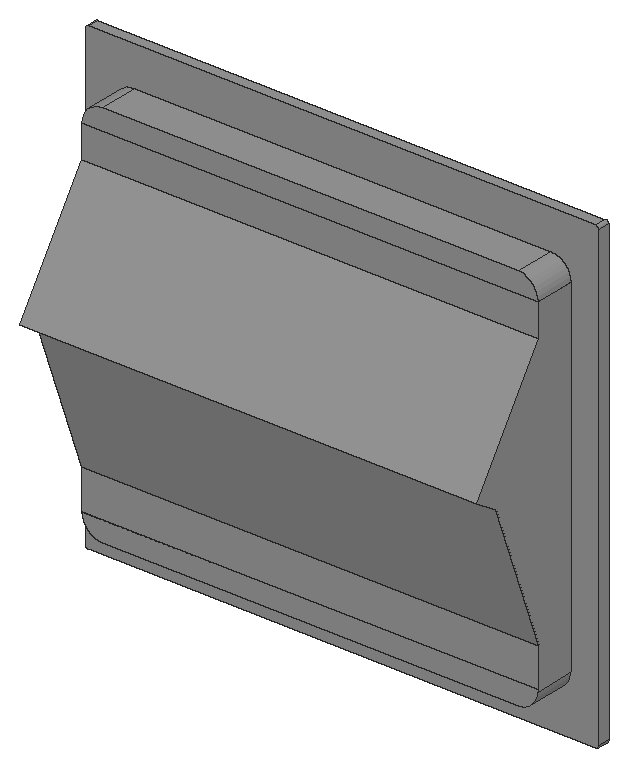
Revit family "L&L_LUCE&LIGHT_PASITO_1.1", category Lighting Fixtures, host Wall, Revit 2018 (continued)
Parameters (values of type "PASITO_1.1 – 60°")
    .90 9.64 9.39 9.12 \r\n8.84 8.63 8.36 8.10 7.84 7.61 7.36 7.09 6.87 6.63 6.40 \r\n6.17 5.94 5.69 5.46 5.24 5.00 4.79 4.58 4.37 4.17 3.96 \r\n3.75 3.56 3.38 3.19 3.01 2.83 2.65 2.46 2.27 2.11 1.95 \r\n1.80 1.64 1.50 1.34 1.19 1.06 0.92 0.77 0.64 0.52 0.39 \r\n0.27 0.16 0.07 0.02 \r\n0.07 0.10 0.45 1.13 1.65 2.11 3.16 4.92 7.07 9.75 12.92 \r\n16.95 21.72 27.49 34.75 42.94 52.75 63.21 72.53 79.69 \r\n84.99 88.79 92.43 96.40 100.11 103.94 107.86 111.52 \r\n115.13 118.94 122.31 125.80 129.37 132.67 136.04 138.91 \r\n141.84 144.85 147.40 149.56 151.93 154.03 155.70 157.36 \r\n159.01 160.37 161.51 162.53 163.43 164.07 164.51 164.72 \r\n164.72 164.50 164.14 163.61 162.85 161.86 160.70 159.24 \r\n157.54 155.69 153.57 151.11 148.33 145.25 141.83 138.09 \r\n133.92 129.34 124.34 118.89 113.02 106.85 100.40 93.81 \r\n87.25 80.83 74.67 68.94 63.70 58.94 54.67 50.85 47.48 \r\n44.48 41.80 39.41 37.28 35.37 33.65 32.09 30.67 29.35 \r\n28.11 26.95 25.85 24.82 23.87 23.00 22.19 21.45 20.75 \r\n20.10 19.51 18.96 18.46 17.99 17.53 17.11 16.74 16.39 \r\n16.04 15.72 15.42 15.13 14.84 14.50 14.07 13.61 13.20 \r\n12.81 12.45 12.13 11.85 11.62 11.36 11.07 10.80 10.53 \r\n10.29 10.06 9.74 9.47 9.21 8.94 8.70 8.37 8.14 7.89 7.61 \r\n7.36 7.10 6.85 6.62 6.37 6.10 5.89 5.64 5.37 5.12 4.92 \r\n4.69 4.44 4.23 4.04 3.82 3.61 3.42 3.20 3.01 2.84 2.65 \r\n2.45 2.26 2.09 1.92 1.76 1.60 1.43 1.27 1.12 0.97 0.81 \r\n0.67 0.54 0.41 0.28 0.17 0.07 0.02 \r\n0.07 0.09 0.49 1.20 1.71 2.23 3.52 5.47 7.86 10.85 14.51 \r\n19.18 24.53 31.53 39.85 49.51 60.50 70.82 79.24 85.44 \r\n89.67 93.63 98.09 102.13 106.25 110.65 114.89 119.13 \r\n123.32 127.19 131.37 135.46 139.35 143.07 146.76 150.42 \r\n153.78 156.92 159.97 162.82 165.33 167.68 169.83 171.66 \r\n173.50 175.10 176.25 177.24 178.20 178.88 179.15 179.37 \r\n179.41 179.18 178.72 178.09 177.25 176.13 174.78 173.24 \r\n171.49 169.51 167.21 164.59 161.64 158.25 154.45 150.17 \r\n145.40 140.17 134.40 128.12 121.44 114.49 107.19 99.72 \r\n92.42 85.41 78.75 72.63 67.01 61.87 57.29 53.25 49.65 \r\n46.46 43.61 41.07 38.81 36.79 34.97 33.32 31.82 30.45 \r\n29.18 27.95 26.77 25.69 24.73 23.84 22.99 22.22 21.52 \r\n20.86 20.26 19.70 19.16 18.67 18.23 17.82 17.42 17.05 \r\n16.72 16.39 16.07 15.76 15.48 15.20 14.85 14.40 13.95 \r\n13.55 13.16 12.79 12.48 12.16 11.90 11.66 11.35 11.08 \r\n10.82 10.53 10.28 9.99 9.70 9.46 9.14 8.91 8.59 8.31 8.06 \r\n7.76 7.55 7.20 6.99 6.72 6.46 6.22 5.95 5.69 5.48 5.16 \r\n4.95 4.73 4.47 4.23 4.03 3.83 3.62 3.41 3.18 2.99 2.81 \r\n2.60 2.40 2.21 2.03 1.86 1.68 1.51 1.34 1.17 1.01 0.85 \r\n0.69 0.56 0.43 0.30 0.18 0.07 0.02 \r\n0.07 0.09 0.52 1.26 1.75 2.38 3.84 5.89 8.49 11.78 15.95 \r\n20.95 27.10 35.03 44.40 55.27 66.44 76.63 84.20 89.18 \r\n93.56 98.21 102.79 107.16 111.90 116.63 121.20 125.81 \r\n130.32 134.94 139.63 143.63 148.04 152.43 156.30 160.27 \r\n164.14 167.45 170.66 173.81 176.58 179.22 181.47 183.52 \r\n185.11 186.44 187.60 188.47 189.03 189.37 189.45 189.30 \r\n188.97 188.42 187.69 186.73 185.58 184.24 182.70 181.03 \r\n179.06 176.77 174.31 171.58 168.42 164.79 160.76 156.26 \r\n151.20 145.63 139.49 132.73 125.71 118.27 110.58 102.93 \r\n95.41 88.09 81.24 74.92 69.06 63.82 59.15 54.97 51.26 \r\n47.94 44.98 42.34 39.98 37.87 35.99 34.29 32.74 31.32 \r\n29.98 28.71 27.51 26.42 25.42 24.50 23.64 22.87 22.14 \r\n21.46 20.85 20.29 19.74 19.24 18.78 18.35 17.96 17.59 \r\n17.25 16.92 16.60 16.29 15.98 15.70 15.42 15.06 14.58 \r\n14.12 13.74 13.33 12.96 12.69 12.38 12.09 11.84 11.51 \r\n11.25 10.98 10.67 10.45 10.12 9.82 9.59 9.24 9.00 8.69 \r\n8.40 8.12 7.84 7.59 7.27 7.02 6.76 6.49 6.21 5.99 5.67 \r\n5.45 5.17 4.92 4.70 4.46 4.19 3.99 3.79 3.57 3.35 3.13 \r\n2.92 2.72 2.51 2.31 2.11 1.93 1.74 1.56 1.38 1.21 1.05 \r\n0.88 0.71 0.58 0.45 0.31 0.18 0.07 0.02 \r\n0.07 0.09 0.54 1.31 1.78 2.47 4.08 6.20 9.01 12.53 17.01 \r\n22.28 29.15 37.60 47.81 59.24 70.75 80.65 87.23 92.07 \r\n96.90 101.80 106.68 111.50 116.61 121.39 126.22 131.30 \r\n136.30 141.12 145.66 150.54 155.28 159.62 164.07 168.18 \r\n172.12 175.94 179.40 182.51 185.31 187.80 189.94 191.72 \r\n193.17 194.10 194.86 195.25 195.31 195.13 194.71 194.03 \r\n193.19 192.18 190.91 189.47 187.90 186.16 184.21 182.09 \r\n179.69 177.29 174.56 171.47 168.20 164.60 160.48 155.75 \r\n150.75 145.34 139.05 132.55 125.52 118.12 110.90 103.39 \r\n95.85 88.72 81.88 75.73 69.95 64.82 60.13 55.85 52.17 \r\n48.86 45.82 43.16 40.76 38.61 36.71 34.96 33.38 31.93 \r\n30.57 29.27 28.04 26.93 25.93 24.99 24.11 23.32 22.59 \r\n21.92 21.27 20.69 20.17 19.68 19.21 18.77 18.35 17.99 \r\n17.65 17.32 16.99 16.68 16.37 16.08 15.83 15.53 15.08 \r\n14.60 14.18 13.80 13.36 13.03 12.78 12.43 12.18 11.91 \r\n11.54 11.32 11.02 10.70 10.49 10.09 9.85 9.58 9.24 9.00 \r\n8.66 8.39 8.10 7.83 7.54 7.23 7.01 6.70 6.47 6.15 5.94 \r\n5.63 5.37 5.12 4.84 4.64 4.37 4.11 3.91 3.70 3.47 3.25 \r\n3.02 2.81 2.59 2.38 2.17 1.97 1.78 1.60 1.41 1.23 1.07 \r\n0.90 0.73 0.59 0.46 0.32 0.19 0.08 0.02 \r\n0.07 0.09 0.55 1.34 1.79 2.52 4.22 6.36 9.32 12.98 17.65 \r\n23.19 30.53 39.18 49.97 61.63 73.48 82.97 89.17 94.25 \r\n99.14 104.33 109.56 114.64 119.81 124.81 129.99 135.47 \r\n140.39 145.36 150.58 155.44 160.32 165.14 169.71 173.91 \r\n177.93 181.72 185.11 188.18 190.91 193.22 195.02 196.56 \r\n197.70 198.31 198.54 198.48 198.07 197.27 196.35 195.11 \r\n193.69 191.92 190.19 188.23 186.20 184.08 181.78 179.33 \r\n176.61 173.84 170.96 167.71 164.15 160.26 156.29 151.74 \r\n146.71 141.49 135.70 129.47 123.01 116.06 108.95 101.82 \r\n94.82 88.13 81.62 75.69 69.96 65.01 60.45 56.19 52.53 \r\n49.12 46.20 43.56 41.19 39.01 37.11 35.35 33.79 32.33 \r\n30.97 29.66 28.45 27.30 26.25 25.31 24.44 23.65 22.92 \r\n22.25 21.59 21.01 20.49 19.97 19.50 19.05 18.65 18.28 \r\n17.92 17.58 17.27 16.94 16.64 16.35 16.06 15.81 15.45 \r\n14.94 14.47 14.11 13.71 13.27 13.03 12.73 12.40 12.18 \r\n11.82 11.52 11.31 10.93 10.68 10.38 10.04 9.82 9.45 9.19 \r\n8.89 8.57 8.32 8.00 7.76 7.42 7.16 6.89 6.62 6.35 6.06 \r\n5.81 5.50 5.23 4.97 4.72 4.49 4.22 3.98 3.77 3.53 3.31 \r\n3.08 2.85 2.63 2.41 2.20 2.00 1.81 1.62 1.43 1.25 1.08 \r\n0.92 0.74 0.59 0.47 0.32 0.19 0.08 0.02 \r\n0.07 0.08 0.55 1.35 1.79 2.52 4.26 6.38 9.44 13.12 17.85 \r\n23.53 31.06 39.56 50.70 62.55 74.80 84.13 90.39 95.54 \r\n100.50 105.92 111.32 116.35 121.73 127.08 132.30 137.89 \r\n142.95 148.48 153.61 158.64 163.87 168.69 173.48 177.62 \r\n181.67 185.32 188.86 191.67 194.12 196.29 197.79 198.93 \r\n199.61 199.89 199.74 199.18 198.34 197.14 195.65 194.19 \r\n192.41 190.38 188.10 185.72 183.44 180.95 178.38 175.71 \r\n172.79 169.88 166.73 163.49 159.92 155.97 151.80 147.40 \r\n142.68 137.54 132.32 126.25 120.18 113.79 107.01 100.22 \r\n93.71 87.43 81.20 75.18 69.78 65.06 60.52 56.53 52.83 \r\n49.43 46.53 43.87 41.40 39.24 37.31 35.58 33.99 32.56 \r\n31.21 29.89 28.69 27.58 26.56 25.61 24.72 23.92 23.13 \r\n22.48 21.82 21.22 20.69 20.18 19.68 19.26 18.86 18.47 \r\n18.13 17.78 17.47 17.16 16.84 16.52 16.24 16.00 15.67 \r\n15.20 14.73 14.32 13.94 13.49 13.17 12.92 12.55 12.32 \r\n12.04 11.65 11.43 11.12 10.80 10.56 10.21 9.94 9.64 9.30 \r\n9.05 8.69 8.45 8.12 7.84 7.53 7.24 6.97 6.69 6.42 6.14 \r\n5.85 5.60 5.26 5.04 4.76 4.50 4.28 4.03 3.78 3.55 3.33 \r\n3.10 2.88 2.65 2.43 2.22 2.01 1.81 1.64 1.44 1.26 1.09 \r\n0.93 0.75 0.60 0.47 0.32 0.20 0.08 0.02 \r\n0.07 0.08 0.54 1.35 1.78 2.49 4.21 6.27 9.35 12.98 17.63 \r\n23.32 30.79 38.89 50.10 62.01 74.64 84.25 90.90 96.06 \r\n101.06 106.56 112.06 116.92 122.56 128.22 133.14 138.82 \r\n144.51 150.21 155.11 160.68 165.72 170.60 175.53 180.20 \r\n184.04 188.06 191.61 194.41 197.16 199.42 200.99 202.21 \r\n202.92 203.18 203.02 202.43 201.49 200.17 198.57 196.82 \r\n194.78 192.80 190.39 187.95 185.52 182.83 180.20 177.14 \r\n174.49 171.28 167.83 164.44 160.93 157.07 152.86 149.03 \r\n144.33 139.35 134.63 128.85 122.62 116.14 110.25 103.43 \r\n96.64 90.88 84.55 78.53 73.20 67.91 63.38 59.33 55.59 \r\n52.05 48.83 46.30 43.66 41.41 37.31 36.14 34.65 33.14 \r\n31.69 30.29 29.10 27.96 26.87 25.86 25.05 24.19 23.41 \r\n22.70 21.99 21.41 20.91 20.34 19.87 19.42 19.04 18.62 \r\n18.27 17.93 17.63 17.30 16.97 16.70 16.40 16.13 15.82 \r\n15.28 14.81 14.41 14.05 13.58 13.29 13.04 12.65 12.43 \r\n12.06 11.76 11.56 11.15 10.89 10.65 10.23 10.02 9.68 9.35 \r\n9.10 8.71 8.50 8.12 7.90 7.49 7.29 6.96 6.72 6.41 6.18 \r\n5.84 5.62 5.26 5.05 4.78 4.49 4.29 4.05 3.78 3.55 3.33 \r\n3.10 2.88 2.65 2.43 2.22 2.01 1.81 1.64 1.44 1.26 1.10 \r\n0.93 0.75 0.60 0.47 0.33 0.20 0.08 0.02 \r\n0.07 0.08 0.55 1.35 1.79 2.52 4.26 6.38 9.44 13.12 17.85 \r\n23.53 31.06 39.56 50.70 62.55 74.80 84.13 90.39 95.54 \r\n100.50 105.92 111.32 116.35 121.73 127.08 132.30 137.89 \r\n142.95 148.48 153.61 158.64 163.87 168.69 173.48 177.62 \r\n181.67 185.32 188.86 191.67 194.12 196.29 197.79 198.93 \r\n199.61 199.89 199.74 199.18 198.34 197.14 195.65 194.19 \r\n192.41 190.38 188.10 185.72 183.44 180.95 178.38 175.71 \r\n172.79 169.88 166.73 163.49 159.92 155.97 151.80 147.40 \r\n142.68 137.54 132.32 126.25 120.18 113.79 107.01 100.22 \r\n93.71 87.43 81.20 75.18 69.78 65.06 60.52 56.53 52.83 \r\n49.43 46.53 43.87 41.40 39.24 37.31 35.58 33.99 32.56 \r\n31.21 29.89 28.69 27.58 26.56 25.61 24.72 23.92 23.13 \r\n22.48 21.82 21.22 20.69 20.18 19.68 19.26 18.86 18.47 \r\n18.13 17.78 17.47 17.16 16.84 16.52 16.24 16.00 15.67 \r\n15.20 14.73 14.32 13.94 13.49 13.17 12.92 12.55 12.32 \r\n12.04 11.65 11.43 11.12 10.80 10.56 10.21 9.94 9.64 9.30 \r\n9.05 8.69 8.45 8.12 7.84 7.53 7.24 6.97 6.69 6.42 6.14 \r\n5.85 5.60 5.26 5.04 4.76 4.50 4.28 4.03 3.78 3.55 3.33 \r\n3.10 2.88 2.65 2.43 2.22 2.01 1.81 1.64 1.44 1.26 1.09 \r\n0.93 0.75 0.60 0.47 0.32 0.20 0.08 0.02 \r\n0.07 0.09 0.55 1.34 1.79 2.52 4.22 6.36 9.32 12.98 17.65 \r\n23.19 30.53 39.18 49.97 61.63 73.48 82.97 89.17 94.25 \r\n99.14 104.33 109.56 114.64 119.81 124.81 129.99 135.47 \r\n140.39 145.36 150.58 155.44 160.32 165.14 169.71 173.91 \r\n177.93 181.72 185.11 188.18 190.91 193.22 195.02 196.56 \r\n197.70 198.31 198.54 198.48 198.07 197.27 196.35 195.11 \r\n193.69 191.92 190.19 188.23 186.20 184.08 181.78 179.33 \r\n176.61 173.84 170.96 167.71 164.15 160.26 156.29 151.74 \r\n146.71 141.49 135.70 129.47 123.01 116.06 108.95 101.82 \r\n94.82 88.13 81.62 75.69 69.96 65.01 60.45 56.19 52.53 \r\n49.12 46.20 43.56 41.19 39.01 37.11 35.35 33.79 32.33 \r\n30.97 29.66 28.45 27.30 26.25 25.31 24.44 23.65 22.92 \r\n22.25 21.59 21.01 20.49 19.97 19.50 19.05 18.65 18.28 \r\n17.92 17.58 17.27 16.94 16.64 16.35 16.06 15.81 15.45 \r\n14.94 14.47 14.11 13.71 13.27 13.03 12.73 12.40 12.18 \r\n11.82 11.52 11.31 10.93 10.68 10.38 10.04 9.82 9.45 9.19 \r\n8.89 8.57 8.32 8.00 7.76 7.42 7.16 6.89 6.62 6.35 6.06 \r\n5.81 5.50 5.23 4.97 4.72 4.49 4.22 3.98 3.77 3.53 3.31 \r\n3.08 2.85 2.63 2.41 2.20 2.00 1.81 1.62 1.43 1.25 1.08 \r\n0.92 0.74 0.59 0.47 0.32 0.19 0.08 0.02 \r\n0.07 0.09 0.54 1.31 1.78 2.47 4.08 6.20 9.01 12.53 17.01 \r\n22.28 29.15 37.60 47.81 59.24 70.75 80.65 87.23 92.07 \r\n96.90 101.80 106.68 111.50 116.61 121.39 126.22 131.30 \r\n136.30 141.12 145.66 150.54 155.28 159.62 164.07 168.18 \r\n172.12 175.94 179.40 182.51 185.31 187.80 189.94 191.72 \r\n193.17 194.10 194.86 195.25 195.31 195.13 194.71 194.03 \r\n193.19 192.18 190.91 189.47 187.90 186.16 184.21 182.09 \r\n179.69 177.29 174.56 171.47 168.20 164.60 160.48 155.75 \r\n150.75 145.34 139.05 132.55 125.52 118.12 110.90 103.39 \r\n95.85 88.72 81.88 75.73 69.95 64.82 60.13 55.85 52.17 \r\n48.86 45.82 43.16 40.76 38.61 36.71 34.96 33.38 31.93 \r\n30.57 29.27 28.04 26.93 25.93 24.99 24.11 23.32 22.59 \r\n21.92 21.27 20.69 20.17 19.68 19.21 18.77 18.35 17.99 \r\n17.65 17.32 16.99 16.68 16.37 16.08 15.83 15.53 15.08 \r\n14.60 14.18 13.80 13.36 13.03 12.78 12.43 12.18 11.91 \r\n11.54 11.32 11.02 10.70 10.49 10.09 9.85 9.58 9.24 9.00 \r\n8.66 8.39 8.10 7.83 7.54 7.23 7.01 6.70 6.47 6.15 5.94 \r\n5.63 5.37 5.12 4.84 4.64 4.37 4.11 3.91 3.70 3.47 3.25 \r\n3.02 2.81 2.59 2.38 2.17 1.97 1.78 1.60 1.41 1.23 1.07 \r\n0.90 0.73 0.59 0.46 0.32 0.19 0.08 0.02 \r\n0.07 0.09 0.52 1.26 1.75 2.38 3.84 5.89 8.49 11.78 15.95 \r\n20.95 27.10 35.03 44.40 55.27 66.44 76.63 84.20 89.18 \r\n93.56 98.21 102.79 107.16 111.90 116.63 121.20 125.81 \r\n130.32 134.94 139.63 143.63 148.04 152.43 156.30 160.27 \r\n164.14 167.45 170.66 173.81 176.58 179.22 181.47 183.52 \r\n185.11 186.44 187.60 188.47 189.03 189.37 189.45 189.30 \r\n188.97 188.42 187.69 186.73 185.58 184.24 182.70 181.03 \r\n179.06 176.77 174.31 171.58 168.42 164.79 160.76 156.26 \r\n151.20 145.63 139.49 132.73 125.71 118.27 110.58 102.93 \r\n95.41 88.09 81.24 74.92 69.06 63.82 59.15 54.97 51.26 \r\n47.94 44.98 42.34 39.98 37.87 35.99 34.29 32.74 31.32 \r\n29.98 28.71 27.51 26.42 25.42 24.50 23.64 22.87 22.14 \r\n21.46 20.85 20.29 19.74 19.24 18.78 18.35 17.96 17.59 \r\n17.25 16.92 16.60 16.29 15.98 15.70 15.42 15.06 14.58 \r\n14.12 13.74 13.33 12.96 12.69 12.38 12.09 11.84 11.51 \r\n11.25 10.98 10.67 10.45 10.12 9.82 9.59 9.24 9.00 8.69 \r\n8.40 8.12 7.84 7.59 7.27 7.02 6.76 6.49 6.21 5.99 5.67 \r\n5.45 5.17 4.92 4.70 4.46 4.19 3.99 3.79 3.57 3.35 3.13 \r\n2.92 2.72 2.51 2.31 2.11 1.93 1.74 1.56 1.38 1.21 1.05 \r\n0.88 0.71 0.58 0.45 0.31 0.18 0.07 0.02 \r\n0.07 0.09 0.49 1.20 1.71 2.23 3.52 5.47 7.86 10.85 14.51 \r\n19.18 24.53 31.53 39.85 49.51 60.50 70.82 79.24 85.44 \r\n89.67 93.63 98.09 102.13 106.25 110.65 114.89 119.13 \r\n123.32 127.19 131.37 135.46 139.35 143.07 146.76 150.42 \r\n153.78 156.92 159.97 162.82 165.33 167.68 169.83 171.66 \r\n173.50 175.10 176.25 177.24 178.20 178.88 179.15 179.37 \r\n179.41 179.18 178.72 178.09 177.25 176.13 174.78 173.24 \r\n171.49 169.51 167.21 164.59 161.64 158.25 154.45 150.17 \r\n145.40 140.17 134.40 128.12 121.44 114.49 107.19 99.72 \r\n92.42 85.41 78.75 72.63 67.01 61.87 57.29 53.25 49.65 \r\n46.46 43.61 41.07 38.81 36.79 34.97 33.32 31.82 30.45 \r\n29.18 27.95 26.77 25.69 24.73 23.84 22.99 22.22 21.52 \r\n20.86 20.26 19.70 19.16 18.67 18.23 17.82 17.42 17.05 \r\n16.72 16.39 16.07 15.76 15.48 15.20 14.85 14.40 13.95 \r\n13.55 13.16 12.79 12.48 12.16 11.90 11.66 11.35 11.08 \r\n10.82 10.53 10.28 9.99 9.70 9.46 9.14 8.91 8.59 8.31 8.06 \r\n7.76 7.55 7.20 6.99 6.72 6.46 6.22 5.95 5.69 5.48 5.16 \r\n4.95 4.73 4.47 4.23 4.03 3.83 3.62 3.41 3.18 2.99 2.81 \r\n2.60 2.40 2.21 2.03 1.86 1.68 1.51 1.34 1.17 1.01 0.85 \r\n0.69 0.56 0.43 0.30 0.18 0.07 0.02 \r\n0.07 0.10 0.45 1.13 1.65 2.11 3.16 4.92 7.07 9.75 12.92 \r\n16.95 21.72 27.49 34.75 42.94 52.75 63.21 72.53 79.69 \r\n84.99 88.79 92.43 96.40 100.11 103.94 107.86 111.52 \r\n115.13 118.94 122.31 125.80 129.37 132.67 136.04 138.91 \r\n141.84 144.85 147.40 149.56 151.93 154.03 155.70 157.36 \r\n159.01 160.37 161.51 162.53 163.43 164.07 164.51 164.72 \r\n164.72 164.50 164.14 163.61 162.85 161.86 160.70 159.24 \r\n157.54 155.69 153.57 151.11 148.33 145.25 141.83 138.09 \r\n133.92 129.34 124.34 118.89 113.02 106.85 100.40 93.81 \r\n87.25 80.83 74.67 68.94 63.70 58.94 54.67 50.85 47.48 \r\n44.48 41.80 39.41 37.28 35.37 33.65 32.09 30.67 29.35 \r\n28.11 26.95 25.85 24.82 23.87 23.00 22.19 21.45 20.75 \r\n20.10 19.51 18.96 18.46 17.99 17.53 17.11 16.74 16.39 \r\n16.04 15.72 15.42 15.13 14.84 14.50 14.07 13.61 13.20 \r\n12.81 12.45 12.13 11.85 11.62 11.36 11.07 10.80 10.53 \r\n10.29 10.06 9.74 9.47 9.21 8.94 8.70 8.37 8.14 7.89 7.61 \r\n7.36 7.10 6.85 6.62 6.37 6.10 5.89 5.64 5.37 5.12 4.92 \r\n4.69 4.44 4.23 4.04 3.82 3.61 3.42 3.20 3.01 2.84 2.65 \r\n2.45 2.26 2.09 1.92 1.76 1.60 1.43 1.27 1.12 0.97 0.81 \r\n0.67 0.54 0.41 0.28 0.17 0.07 0.02 \r\n0.07 0.10 0.40 1.04 1.57 1.97 2.77 4.28 6.18 8.50 11.27 \r\n14.44 18.67 23.42 29.25 36.36 44.27 53.50 63.34 72.02 \r\n78.47 83.12 86.53 89.91 93.35 96.62 99.97 103.41 106.65 \r\n109.62 112.63 115.78 118.54 121.39 124.16 126.66 129.14 \r\n131.37 133.58 135.72 137.47 139.02 140.50 141.82 143.01 \r\n144.03 144.83 145.52 146.00 146.39 146.78 146.88 146.76 \r\n146.55 146.14 145.47 144.64 143.71 142.51 141.07 139.54 \r\n137.82 135.79 133.58 131.21 128.53 125.53 122.32 118.87 \r\n115.09 110.98 106.55 101.79 96.70 91.35 85.82 80.24 74.71 \r\n69.37 64.33 59.64 55.35 51.48 48.01 44.91 42.15 39.68 \r\n37.48 35.49 33.72 32.11 30.66 29.31 28.06 26.88 25.76 \r\n24.71 23.73 22.81 21.96 21.19 20.47 19.80 19.17 18.59 \r\n18.06 17.57 17.11 16.68 16.29 15.93 15.58 15.23 14.93 \r\n14.67 14.36 13.98 13.54 13.08 12.66 12.30 11.96 11.66 \r\n11.42 11.19 10.93 10.66 10.39 10.15 9.90 9.64 9.39 9.12 \r\n8.84 8.63 8.36 8.10 7.84 7.61 7.36 7.09 6.87 6.63 6.40 \r\n6.17 5.94 5.69 5.46 5.24 5.00 4.79 4.58 4.37 4.17 3.96 \r\n3.75 3.56 3.38 3.19 3.01 2.83 2.65 2.46 2.27 2.11 1.95 \r\n1.80 1.64 1.50 1.34 1.19 1.06 0.92 0.77 0.64 0.52 0.39 \r\n0.27 0.16 0.07 
